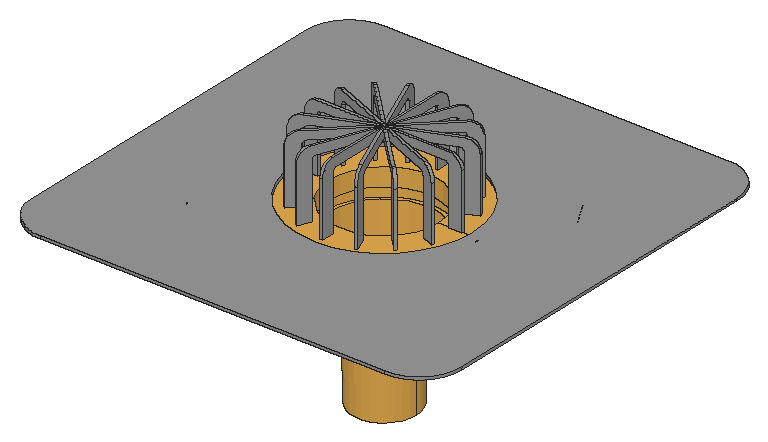
Revit family "TOPWET_Střešní vpust TW(E) 75 S", category Instalační zařizovací předměty, Revit 2016 (continued)
Definition of nested family "Perforovaný terasový nástavec TW TER P"
  Nested families
    nested 9: "Kroužek" at (0, 0, -83.4), visible <- "VK", type "Kroužek"
      with R 64.5 mm, D 129 mm
    nested 10: "Kroužek" at (0, 0, -93.05), visible <- "VK", type "Kroužek"
      with R 64.5 mm, D 129 mm
    nested 11: "Odvodňovací kroužek pro ochranný koš TW ODK" at (0, 0, -161), visible <- "VN2", type "Odvodňovací kroužek pro ochranný koš TW ODK"
      with Seříznutí 0 mm
    nested 12: "Odvodňovací kroužek pro ochranný koš TW ODK" at (0, 0, -194), visible <- "VN1", type "Odvodňovací kroužek pro ochranný koš TW ODK"
      with Seříznutí 0 mm
    nested 13: "Kroužek" at (0, 0, -102.7), visible <- "VK", type "Kroužek"
      with R 64.5 mm, D 129 mm
    nested 14: "Kroužek" at (0, 0, -112.35), visible <- "VK", type "Kroužek"
      with R 64.5 mm, D 129 mm
  Definition of nested family "Kroužek"
    Parameters (values of type "Kroužek")
      Manufacturer = ""
      URL = "⁫‌⁪‭⁡​‭​​​​​​​​​​​ ​​‍⁣⁢ ‎ ​⁤‭‎‎​‌​ ​⁣‌ ⁡‪​ ‪‭ ​⁢‎‎⁤‎‭‪‭‌​⁡‭ ‭‍ ⁡‬‭​⁣ ‌‪‭‍‍ ‍  ⁤‎⁢‎​‬‍ ‍ ‬⁤⁪‎⁪‪⁡⁢​⁣‬⁤‪⁡‎⁪⁢‬ ⁢‪⁪⁤⁡⁡‎​⁢ ‎‎‪‌⁢‎ ⁢‬‎⁣⁤⁤⁡‬‎‌⁪   ‭⁣‬⁡⁪‪‪‭⁣⁢‪​   ⁢⁣⁪‬⁣⁣‎ ⁢⁤‬‪  ⁪‬⁪‍​⁤ ‌⁪ ‭⁪⁣⁡ ‌  ‎‌‌⁡‌⁤⁣ ‍  ​  ‎⁣‍ ⁤‎⁢⁤⁡‭⁤‌⁣⁣‭‍⁤‪⁣  ⁢ ⁢   ‬‍‭ ‪⁢⁤⁢⁢​‎‍‍ ​‍‬  ‭⁣​‍‬ ⁪  ​‎⁢ ‭‍⁡‪ ⁢ ⁪  ‍   ‪⁤‬‌‍⁪ ⁣‬‪​‬⁤⁢​‌  ‬​ ​ ⁢​⁢​‭‪  ​‭  ‍⁣​‭‍  ‌⁡⁣‌  ​ ⁢‌   ‍‎ ⁤⁣‌‬‬‎ ⁣⁡‪ ⁪⁢‪​​​​​​⁫"
      R = D / 2  # 52 mm
      Description = ""
      Model = ""
      Type Comments = ""
      D = 104 mm
      Cost = 0
    Reference planes
      plane 1 "Střed (vpředu/vzadu)": y = 0
      plane 2: z = 0
      plane 3 "Střed (vlevo/vpravo)": x = 0
    Forms (mm)
      Revolve 1, solid, detail levels fine
        sketch origin (0, 0, 0) x (1, 0, 0) y (0, 0, 1)
          loop
            line (-52, 1.482) -> (-55.264, 0) -> (-52, -1.516) -> (-52, 1.482)
          axis (0, 1.482) -> (0, -1.516)
        angle from 0 to 360
    Dimensions and locks
      "R": Revolve 1 sketch curve to plane 3 "Střed (vlevo/vpravo)"
      aligned and locked: level to plane 2
      aligned and locked: Revolve 1 sketch curve to plane 3 "Střed (vlevo/vpravo)"
    Automatic sketch dimensions
      Revolve 1 sketch curve to level = 0 mm
      Revolve 1 sketch curve to Revolve 1 sketch curve = 3.264 mm
      Revolve 1 sketch curve to level = 1.516 mm
      level to Revolve 1 sketch curve = 1.482 mm
      Revolve 1 sketch curve to level = 381 mm
      Revolve 1 sketch curve to Revolve 1 sketch curve = 2212.833 mm
  Definition of nested family "Odvodňovací kroužek pro ochranný koš TW ODK"
    Parameters (values of type "Odvodňovací kroužek pro ochranný koš TW ODK")
      Manufacturer = "TOPWET"  # constant formula
      URL = "http://topwet.cz/produkty/269-odvodnovaci-krouzek"
      Seříznutí [instance] = 0 mm
      Description = "Příslušenství vpusti"
      OBJEDNACÍ KÓD [instance] = "TW ODK"
      OBJEDNACÍ KOMENTÁŘ [instance] = "TW ODK, Odvodňovací kroužek"
      Model = ""  # constant formula
      Type Comments = ""  # constant formula
      Keynote = "TW ODK"
      Cost = 0
      COPYRIGHT = "©TOPWET"  # constant formula
    Reference planes
      plane 1 "Střed (vpředu/vzadu)": y = 0
      plane 2: z = 0
      plane 3 "Střed (vlevo/vpravo)": x = 0
      plane 4: z = -33
      plane 5: z = -33
      plane 6: z = -33
    Forms (mm)
      Extrusion 1, solid, detail levels medium+fine
        sketch origin (0, 0, 0) x (1, 0, 0) y (0, 1, 0)
          loop
            circle (0, 0) r 64.5
          loop
            circle (0, 0) r 67.5
        from 15 to -18
      Sweep 2, void
        path origin (0, 0, 0) x (0.987688, 0.156434, 0) y (-0.156434, 0.987688, 0)
          loop
            line (0, -72.5) -> (0, 72.5)
        profile origin (0, 0, 0) x (-0.987688, -0.156434, 0) y (0, 0, 1)
          loop
            line (7.4, -18) -> (7.4, -4.2)
            arc (7.4, -4.2) -> (6.521, -2.079) -> (4.4, -1.2) r 3
            line (4.4, -1.2) -> (-4.4, -1.2)
            arc (-4.4, -1.2) -> (-6.521, -2.079) -> (-7.4, -4.2) r 3
            line (-7.4, -4.2) -> (-7.4, -18) -> (7.4, -18)
      Sweep 3, void
        path origin (0, 0, 0) x (0.891007, 0.45399, 0) y (-0.45399, 0.891007, 0)
          loop
            line (0, -72.5) -> (0, 72.5)
        profile origin (0, 0, 0) x (-0.891007, -0.45399, 0) y (0, 0, 1)
          loop
            line (7.4, -18) -> (7.4, -4.2)
            arc (7.4, -4.2) -> (6.521, -2.079) -> (4.4, -1.2) r 3
            line (4.4, -1.2) -> (-4.4, -1.2)
            arc (-4.4, -1.2) -> (-6.521, -2.079) -> (-7.4, -4.2) r 3
            line (-7.4, -4.2) -> (-7.4, -18) -> (7.4, -18)
      Sweep 4, void
        path origin (0, 0, 0) x (0.707107, 0.707107, 0) y (-0.707107, 0.707107, 0)
          loop
            line (0, -72.5) -> (0, 72.5)
        profile origin (0, 0, 0) x (-0.707107, -0.707107, 0) y (0, 0, 1)
          loop
            line (7.4, -18) -> (7.4, -4.2)
            arc (7.4, -4.2) -> (6.521, -2.079) -> (4.4, -1.2) r 3
            line (4.4, -1.2) -> (-4.4, -1.2)
            arc (-4.4, -1.2) -> (-6.521, -2.079) -> (-7.4, -4.2) r 3
            line (-7.4, -4.2) -> (-7.4, -18) -> (7.4, -18)
      Sweep 5, void
        path origin (0, 0, 0) x (0.45399, 0.891007, 0) y (-0.891007, 0.45399, 0)
          loop
            line (0, -72.5) -> (0, 72.5)
        profile origin (0, 0, 0) x (-0.45399, -0.891007, 0) y (0, 0, 1)
          loop
            line (7.4, -18) -> (7.4, -4.2)
            arc (7.4, -4.2) -> (6.521, -2.079) -> (4.4, -1.2) r 3
            line (4.4, -1.2) -> (-4.4, -1.2)
            arc (-4.4, -1.2) -> (-6.521, -2.079) -> (-7.4, -4.2) r 3
            line (-7.4, -4.2) -> (-7.4, -18) -> (7.4, -18)
      Sweep 6, void
        path origin (0, 0, 0) x (0.156434, 0.987688, 0) y (-0.987688, 0.156434, 0)
          loop
            line (0, -72.5) -> (0, 72.5)
        profile origin (0, 0, 0) x (-0.156434, -0.987688, 0) y (0, 0, 1)
          loop
            line (7.4, -18) -> (7.4, -4.2)
            arc (7.4, -4.2) -> (6.521, -2.079) -> (4.4, -1.2) r 3
            line (4.4, -1.2) -> (-4.4, -1.2)
            arc (-4.4, -1.2) -> (-6.521, -2.079) -> (-7.4, -4.2) r 3
            line (-7.4, -4.2) -> (-7.4, -18) -> (7.4, -18)
      Sweep 7, void
        path origin (0, 0, 0) x (-0.987688, 0.156434, 0) y (0.156434, 0.987688, 0)
          loop
            line (0, -72.5) -> (0, 72.5)
        profile origin (0, 0, 0) x (-0.987688, 0.156434, 0) y (0, 0, 1)
          loop
            line (-7.4, -18) -> (7.4, -18) -> (7.4, -4.2)
            arc (7.4, -4.2) -> (6.521, -2.079) -> (4.4, -1.2) r 3
            line (4.4, -1.2) -> (-4.4, -1.2)
            arc (-4.4, -1.2) -> (-6.521, -2.079) -> (-7.4, -4.2) r 3
            line (-7.4, -4.2) -> (-7.4, -18)
      Sweep 8, void
        path origin (0, 0, 0) x (-0.891007, 0.45399, 0) y (0.45399, 0.891007, 0)
          loop
            line (0, -72.5) -> (0, 72.5)
        profile origin (0, 0, 0) x (-0.891007, 0.45399, 0) y (0, 0, 1)
          loop
            line (-7.4, -18) -> (7.4, -18) -> (7.4, -4.2)
            arc (7.4, -4.2) -> (6.521, -2.079) -> (4.4, -1.2) r 3
            line (4.4, -1.2) -> (-4.4, -1.2)
            arc (-4.4, -1.2) -> (-6.521, -2.079) -> (-7.4, -4.2) r 3
            line (-7.4, -4.2) -> (-7.4, -18)
      Sweep 9, void
        path origin (0, 0, 0) x (-0.707107, 0.707107, 0) y (0.707107, 0.707107, 0)
          loop
            line (0, -72.5) -> (0, 72.5)
        profile origin (0, 0, 0) x (-0.707107, 0.707107, 0) y (0, 0, 1)
          loop
            line (-7.4, -18) -> (7.4, -18) -> (7.4, -4.2)
            arc (7.4, -4.2) -> (6.521, -2.079) -> (4.4, -1.2) r 3
            line (4.4, -1.2) -> (-4.4, -1.2)
            arc (-4.4, -1.2) -> (-6.521, -2.079) -> (-7.4, -4.2) r 3
            line (-7.4, -4.2) -> (-7.4, -18)
      Sweep 10, void
        path origin (0, 0, 0) x (-0.45399, 0.891007, 0) y (0.891007, 0.45399, 0)
          loop
            line (0, -72.5) -> (0, 72.5)
        profile origin (0, 0, 0) x (-0.45399, 0.891007, 0) y (0, 0, 1)
          loop
            line (-7.4, -18) -> (7.4, -18) -> (7.4, -4.2)
            arc (7.4, -4.2) -> (6.521, -2.079) -> (4.4, -1.2) r 3
            line (4.4, -1.2) -> (-4.4, -1.2)
            arc (-4.4, -1.2) -> (-6.521, -2.079) -> (-7.4, -4.2) r 3
            line (-7.4, -4.2) -> (-7.4, -18)
      Sweep 11, void
        path origin (0, 0, 0) x (-0.156434, 0.987688, 0) y (0.987688, 0.156434, 0)
          loop
            line (0, -72.5) -> (0, 72.5)
        profile origin (0, 0, 0) x (-0.156434, 0.987688, 0) y (0, 0, 1)
          loop
            line (-7.4, -18) -> (7.4, -18) -> (7.4, -4.2)
            arc (7.4, -4.2) -> (6.521, -2.079) -> (4.4, -1.2) r 3
            line (4.4, -1.2) -> (-4.4, -1.2)
            arc (-4.4, -1.2) -> (-6.521, -2.079) -> (-7.4, -4.2) r 3
            line (-7.4, -4.2) -> (-7.4, -18)
      Extrusion 12, solid, detail levels medium+fine
        sketch origin (0, 0, 0) x (1, 0, 0) y (0, 1, 0)
          loop
            circle (0, 0) r 60
          loop
            circle (0, 0) r 64.5
        from -18 to -33
      Extrusion 13, void
        sketch origin (0, -60, -33) x (0, 1, 0) y (-1, 0, 0)
          loop
            circle (60, 0) r 70
        from -10 to 0 <- "Seříznutí"
    Cuts and joins
      Sweep 2, Sweep 3, Sweep 4, Sweep 5, Sweep 6, Sweep 7, Sweep 8, Sweep 9, Sweep 10, Sweep 11, Extrusion 13 cuts Extrusion 1
      Extrusion 13 cuts Extrusion 12
    Dimensions and locks
      "Seříznutí": plane 5 to plane 4
      locked: plane 6 to plane 5 at 0
      aligned and locked: level to plane 2
    Automatic sketch dimensions
      Extrusion 1 sketch curve to Extrusion 1 sketch curve = 0 mm  (x2)
      plane 1 "Střed (vpředu/vzadu)" to Extrusion 1 sketch curve = 0 mm
      Extrusion 1 sketch curve to plane 3 "Střed (vlevo/vpravo)" = 0 mm
      Sweep 2 sketch curve to plane 3 "Střed (vlevo/vpravo)" = 11.341 mm
      Sweep 2 sketch curve to plane 1 "Střed (vpředu/vzadu)" = 71.607 mm
      Sweep 2 sketch curve to Sweep 2 sketch curve = 145 mm
      profile plane to Sweep 2 sketch curve = 7.4 mm
      Sweep 2 sketch curve to level = 1.2 mm
      Sweep 2 sketch curve to Sweep 2 sketch curve = 3 mm
      Sweep 2 sketch curve to profile plane = 4.4 mm
      Sweep 2 sketch curve to profile plane = 7.4 mm
      Sweep 2 sketch curve to Sweep 2 sketch curve = 13.8 mm
      Sweep 3 sketch curve to plane 3 "Střed (vlevo/vpravo)" = 32.914 mm
      Sweep 3 sketch curve to plane 1 "Střed (vpředu/vzadu)" = 64.598 mm
      Sweep 3 sketch curve to Sweep 3 sketch curve = 145 mm
      profile plane to Sweep 3 sketch curve = 7.4 mm
      Sweep 3 sketch curve to level = 1.2 mm
      Sweep 3 sketch curve to Sweep 3 sketch curve = 3 mm
      Sweep 3 sketch curve to profile plane = 4.4 mm
      Sweep 3 sketch curve to profile plane = 7.4 mm
      Sweep 3 sketch curve to Sweep 3 sketch curve = 13.8 mm
      Sweep 4 sketch curve to plane 1 "Střed (vpředu/vzadu)" = 51.265 mm
      Sweep 4 sketch curve to plane 3 "Střed (vlevo/vpravo)" = 51.265 mm
      Sweep 4 sketch curve to Sweep 4 sketch curve = 145 mm
      profile plane to Sweep 4 sketch curve = 7.4 mm
      Sweep 4 sketch curve to level = 1.2 mm
      Sweep 4 sketch curve to Sweep 4 sketch curve = 3 mm
      Sweep 4 sketch curve to profile plane = 4.4 mm
      Sweep 4 sketch curve to profile plane = 7.4 mm
      Sweep 4 sketch curve to Sweep 4 sketch curve = 13.8 mm
      Sweep 5 sketch curve to plane 1 "Střed (vpředu/vzadu)" = 32.914 mm
      Sweep 5 sketch curve to plane 3 "Střed (vlevo/vpravo)" = 64.598 mm
      Sweep 5 sketch curve to Sweep 5 sketch curve = 145 mm
      profile plane to Sweep 5 sketch curve = 7.4 mm
      Sweep 5 sketch curve to level = 1.2 mm
      Sweep 5 sketch curve to Sweep 5 sketch curve = 3 mm
      Sweep 5 sketch curve to profile plane = 4.4 mm
      Sweep 5 sketch curve to profile plane = 7.4 mm
      Sweep 5 sketch curve to Sweep 5 sketch curve = 13.8 mm
      Sweep 6 sketch curve to plane 1 "Střed (vpředu/vzadu)" = 11.341 mm
      Sweep 6 sketch curve to plane 3 "Střed (vlevo/vpravo)" = 71.607 mm
      Sweep 6 sketch curve to Sweep 6 sketch curve = 145 mm
      profile plane to Sweep 6 sketch curve = 7.4 mm
      Sweep 6 sketch curve to level = 1.2 mm
      Sweep 6 sketch curve to Sweep 6 sketch curve = 3 mm
      Sweep 6 sketch curve to profile plane = 4.4 mm
      Sweep 6 sketch curve to profile plane = 7.4 mm
      Sweep 6 sketch curve to Sweep 6 sketch curve = 13.8 mm
      Sweep 7 sketch curve to plane 3 "Střed (vlevo/vpravo)" = 11.341 mm
      plane 1 "Střed (vpředu/vzadu)" to Sweep 7 sketch curve = 71.607 mm
      Sweep 7 sketch curve to Sweep 7 sketch curve = 145 mm
      profile plane to Sweep 7 sketch curve = 7.4 mm
      Sweep 7 sketch curve to level = 1.2 mm
      Sweep 7 sketch curve to Sweep 7 sketch curve = 3 mm
      Sweep 7 sketch curve to profile plane = 4.4 mm
      Sweep 7 sketch curve to profile plane = 7.4 mm
      Sweep 7 sketch curve to Sweep 7 sketch curve = 13.8 mm
      Sweep 8 sketch curve to plane 3 "Střed (vlevo/vpravo)" = 32.914 mm
      plane 1 "Střed (vpředu/vzadu)" to Sweep 8 sketch curve = 64.598 mm
      Sweep 8 sketch curve to Sweep 8 sketch curve = 145 mm
      profile plane to Sweep 8 sketch curve = 7.4 mm
      Sweep 8 sketch curve to level = 1.2 mm
      Sweep 8 sketch curve to Sweep 8 sketch curve = 3 mm
      Sweep 8 sketch curve to profile plane = 4.4 mm
      Sweep 8 sketch curve to profile plane = 7.4 mm
      Sweep 8 sketch curve to Sweep 8 sketch curve = 13.8 mm
      plane 1 "Střed (vpředu/vzadu)" to Sweep 9 sketch curve = 51.265 mm
      Sweep 9 sketch curve to plane 3 "Střed (vlevo/vpravo)" = 51.265 mm
      Sweep 9 sketch curve to Sweep 9 sketch curve = 145 mm
      profile plane to Sweep 9 sketch curve = 7.4 mm
      Sweep 9 sketch curve to level = 1.2 mm
      Sweep 9 sketch curve to Sweep 9 sketch curve = 3 mm
      Sweep 9 sketch curve to profile plane = 4.4 mm
      Sweep 9 sketch curve to profile plane = 7.4 mm
      Sweep 9 sketch curve to Sweep 9 sketch curve = 13.8 mm
      plane 1 "Střed (vpředu/vzadu)" to Sweep 10 sketch curve = 32.914 mm
      Sweep 10 sketch curve to plane 3 "Střed (vlevo/vpravo)" = 64.598 mm
      Sweep 10 sketch curve to Sweep 10 sketch curve = 145 mm
      profile plane to Sweep 10 sketch curve = 7.4 mm
      Sweep 10 sketch curve to level = 1.2 mm
      Sweep 10 sketch curve to Sweep 10 sketch curve = 3 mm
      Sweep 10 sketch curve to profile plane = 4.4 mm
      Sweep 10 sketch curve to profile plane = 7.4 mm
      Sweep 10 sketch curve to Sweep 10 sketch curve = 13.8 mm
      plane 1 "Střed (vpředu/vzadu)" to Sweep 11 sketch curve = 11.341 mm
      Sweep 11 sketch curve to plane 3 "Střed (vlevo/vpravo)" = 71.607 mm
      Sweep 11 sketch curve to Sweep 11 sketch curve = 145 mm
      profile plane to Sweep 11 sketch curve = 7.4 mm
      Sweep 11 sketch curve to level = 1.2 mm
      Sweep 11 sketch curve to Sweep 11 sketch curve = 3 mm
      Sweep 11 sketch curve to profile plane = 4.4 mm
      Sweep 11 sketch curve to profile plane = 7.4 mm
      Sweep 11 sketch curve to Sweep 11 sketch curve = 13.8 mm
      Extrusion 12 sketch curve to Extrusion 12 sketch curve = 0 mm  (x2)
      plane 1 "Střed (vpředu/vzadu)" to Extrusion 12 sketch curve = 0 mm
      Extrusion 12 sketch curve to plane 3 "Střed (vlevo/vpravo)" = 0 mm
      plane 1 "Střed (vpředu/vzadu)" to Extrusion 13 sketch curve = 0 mm
      Extrusion 13 sketch curve to plane 3 "Střed (vlevo/vpravo)" = 0 mm
      radius of Extrusion 1 sketch curve = 64.5 mm
      radius of Extrusion 1 sketch curve = 67.5 mm
      radius of Extrusion 12 sketch curve = 60 mm
      radius of Extrusion 12 sketch curve = 64.5 mm
      radius of Extrusion 13 sketch curve = 70 mm
Definition of nested family "Plochý ochranný koš TW PLK"
  Parameters (values of type "Plochý ochranný koš TW PLK")
    Manufacturer = "TOPWET"  # constant formula
    URL = "http://www.topwet.cz/produkty/268-plochy-pochozi-ochranny-kos"
    Type Image = element 872689
    Description = "Příslušenství vpusti"
    OBJEDNACÍ KÓD [instance] = "TW PLK"
    Model = "viz OBJEDNACÍ KÓD"
    Type Comments = "Plochý pochozí ochranný koš TOPWET určený pro provozní typy střech, teras a balkónů. Provedení ze silnostěnného polyamidu PA6 UV Stabil. Výška nad úroveň hydroizolace 10 mm."
    Keynote = ""
    Cost = 0
    COPYRIGHT = "©TOPWET"  # constant formula
  Reference planes
    plane 1 "Střed (vpředu/vzadu)": y = 0
    plane 2: z = 0
    plane 3 "Střed (vlevo/vpravo)": x = 0
    plane 4: z = -3
  Forms (mm)
    Revolve 1, solid, detail levels medium+fine
      sketch origin (0, 0, 0) x (1, 0, 0) y (0, 0, 1)
        loop
          line (0, 0) -> (60, 0) -> (60, -15) -> (64.5, -15) -> (64.5, 0) -> (68, 0) -> (68, 2.899)
          arc (68, 2.899) -> (67.639, 4.326) -> (66.643, 5.41) r 3
          arc (66.643, 5.41) -> (58.557, 8.832) -> (49.854, 10) r 32.995
          line (49.854, 10) -> (0, 10) -> (0, 0)
        axis (0, -15) -> (0, 10)
      angle from 0 to 360
    Extrusion 2, void
      sketch origin (-139.84, -1524, -133) x (-1, 0, 0) y (0, -1, 0)
        loop
          line (-129.297, -1529.188) -> (-83.675, -1562.334)
          arc (-83.675, -1562.334) -> (-75.168, -1545.013) -> (-71.87, -1526) r 68
          line (-71.87, -1526) -> (-128.262, -1526)
          arc (-128.262, -1526) -> (-128.665, -1527.631) -> (-129.297, -1529.188) r 11.75
        loop
          line (-86.026, -1565.57) -> (-131.649, -1532.424)
          arc (-131.649, -1532.424) -> (-132.934, -1533.506) -> (-134.36, -1534.394) r 11.75
          line (-134.36, -1534.394) -> (-116.934, -1588.026)
          arc (-116.934, -1588.026) -> (-99.871, -1579.013) -> (-86.026, -1565.57) r 68
        loop
          arc (-158.942, -1589.262) -> (-139.84, -1592) -> (-120.738, -1589.262) r 68
          line (-120.738, -1589.262) -> (-138.164, -1535.63)
          arc (-138.164, -1535.63) -> (-139.84, -1535.75) -> (-141.516, -1535.63) r 11.75
          line (-141.516, -1535.63) -> (-158.942, -1589.262)
        loop
          arc (-145.32, -1534.394) -> (-146.747, -1533.506) -> (-148.032, -1532.424) r 11.75
          line (-148.032, -1532.424) -> (-193.654, -1565.57)
          arc (-193.654, -1565.57) -> (-179.81, -1579.013) -> (-162.746, -1588.026) r 68
          line (-162.746, -1588.026) -> (-145.32, -1534.394)
        loop
          arc (-150.383, -1529.188) -> (-151.015, -1527.631) -> (-151.419, -1526) r 11.75
          line (-151.419, -1526) -> (-207.811, -1526)
          arc (-207.811, -1526) -> (-204.512, -1545.013) -> (-196.005, -1562.334) r 68
          line (-196.005, -1562.334) -> (-150.383, -1529.188)
        loop
          line (-150.383, -1518.812) -> (-196.005, -1485.666)
          arc (-196.005, -1485.666) -> (-204.512, -1502.987) -> (-207.811, -1522) r 68
          line (-207.811, -1522) -> (-151.419, -1522)
          arc (-151.419, -1522) -> (-151.015, -1520.369) -> (-150.383, -1518.812) r 11.75
        loop
          line (-193.654, -1482.43) -> (-148.032, -1515.576)
          arc (-148.032, -1515.576) -> (-146.747, -1514.494) -> (-145.32, -1513.606) r 11.75
          line (-145.32, -1513.606) -> (-162.746, -1459.974)
          arc (-162.746, -1459.974) -> (-179.81, -1468.987) -> (-193.654, -1482.43) r 68
        loop
          arc (-120.738, -1458.738) -> (-139.84, -1456) -> (-158.942, -1458.738) r 68
          line (-158.942, -1458.738) -> (-141.516, -1512.37)
          arc (-141.516, -1512.37) -> (-139.84, -1512.25) -> (-138.164, -1512.37) r 11.75
          line (-138.164, -1512.37) -> (-120.738, -1458.738)
        loop
          line (-116.934, -1459.974) -> (-134.36, -1513.606)
          arc (-134.36, -1513.606) -> (-132.934, -1514.494) -> (-131.649, -1515.576) r 11.75
          line (-131.649, -1515.576) -> (-86.026, -1482.43)
          arc (-86.026, -1482.43) -> (-99.871, -1468.987) -> (-116.934, -1459.974) r 68
        loop
          line (-83.675, -1485.666) -> (-129.297, -1518.812)
          arc (-129.297, -1518.812) -> (-128.665, -1520.369) -> (-128.262, -1522) r 11.75
          line (-128.262, -1522) -> (-71.87, -1522)
          arc (-71.87, -1522) -> (-75.168, -1502.987) -> (-83.675, -1485.666) r 68
      from 133 to 143.788
  Cuts and joins
    Extrusion 2 cuts Revolve 1
  Dimensions and locks
    aligned and locked: level to plane 2
Definition of nested family "Šachta pro zelené střechy"
  Parameters (values of type "TWZ 400x400")
    Výška_Minimální = 43 mm  # constant formula
    Výška_Maximální = 2036 mm  # constant formula
    Výška [instance] = 336 mm
    Type Image = element 912559
    SN [instance] = (Počet lamel) * 100 mm - (Výška - 36 mm)  # 0 mm
    S1 [instance] = if(Výška < 136 mm, 136 mm - Výška, 0 mm)  # 0 mm
    Počet lamel [instance] = roundup((Výška - 36 mm) / 100 mm)  # 3
    Manufacturer = "TOPWET"  # constant formula
    URL = "http://www.topwet.cz/produkty/92-sachta-pro-zelene-strechy-vyska-na-zakazku"
    Description = "Příslušenství vpusti"
    PP [instance] = if(Počet lamel - 1 < 2, 2, Počet lamel - 1)  # 2
    P = K = 390 mm  # yes
    ON [instance] = -Výška + 100 mm - SN  # -236 mm
    OBJEDNACÍ KÓD [instance] = size_lookup(Lookup Table Name 2, "", "NOT SPECIFIED", H)  # "TWZ 400x400x330"
    O1 = -36 mm  # constant formula
    Model = "viz OBJEDNACÍ KÓD"
    Lookup Table Name 2 = "TWZ 400x400_typy"
    Lookup Table Name = "TWZ 400x400_komentáře"
    Lamela = Lamela 380x380 : Lamela 380x380
    LAP [instance] = Počet lamel > 2  # yes
    LAN [instance] = Počet lamel > 1  # yes
    LA1 [instance] = or(not(Výška > 136 mm), Počet lamel = 2)  # no
    Kontrola [instance] = not(or(Výška > Výška_Maximální, Výška < Výška_Minimální))  # yes
    Type Comments = "Šachta pro zelené střechy, výška na zakázku dle mocnosti vegetačního souvrství, včetně plastové krycí mřížky"
    Keynote = ""
    KO [instance] = if(Kontrola, -43 mm, 0 mm)  # -43 mm
    K = 390 mm
    H [instance] = Počet lamel * 100 mm + 30 mm  # 330 mm
    Cost = 0
    COPYRIGHT = "©TOPWET"  # constant formula
  Types (2, lengths in mm): name | Type Image | P | OBJEDNACÍ KÓD | Lookup Table Name 2 | Lookup Table Name | Lamela | K
    TWZ 300x300 | element 912557 | no | "TWZ 300x300x330" | "TWZ 300x300_typy" | "TWZ 300x300_komentáře" | Lamela 280x280 : Lamela 280x280 | 290
    TWZ 400x400 | element 912559 | yes | "TWZ 400x400x330" | "TWZ 400x400_typy" | "TWZ 400x400_komentáře" | Lamela 380x380 : Lamela 380x380 | 390
  Reference planes
    plane 1 "Střed (vpředu/vzadu)": y = 0
    plane 2: z = 0
    plane 3 "Střed (vlevo/vpravo)": x = 0
    plane 4 "Výška": z = -336
  Forms (mm)
    Extrusion 1, solid, detail levels medium+fine
      sketch origin (0, 0, 0) x (1, 0, 0) y (0, 1, 0)
        loop
          line (-195, 195) -> (-195, -195) -> (195, -195) -> (195, 195) -> (-195, 195)
        loop
          line (-191, 191) -> (-191, -191) -> (191, -191) -> (191, 191) -> (-191, 191)
      from 0 to -43 <- "KO"
    Extrusion 2, solid, detail levels medium+fine
      sketch origin (0, 0, 0) x (1, 0, 0) y (0, 1, 0)
        loop
          line (-213, 213) -> (-213, -213) -> (213, -213) -> (213, 213) -> (-213, 213)
        loop
          line (-191, 191) -> (-191, -191) -> (191, -191) -> (191, 191) -> (-191, 191)
      from -43 to -40
    Extrusion 3, solid, detail levels medium+fine
      sketch origin (0, 0, 0) x (1, 0, 0) y (0, 1, 0)
        loop
          line (-195, -195) -> (195, -195) -> (195, 195) -> (-195, 195) -> (-195, -195)
      from -4 to 0
  Cuts and joins
    joined: Extrusion 1, Extrusion 2
  Lines and regions (mm)
    model lines, not visible, detail levels fine
      curve 1: circle (0, 0, 43) r 10 normal (0, 0, 1)
      curve 2: line (-15, 23.5, 43) -> (15, 23.5, 43)
      curve 3: line (-15, 38.5, 43) -> (15, 38.5, 43)
      curve 4: line (-15, 53.5, 43) -> (15, 53.5, 43)
      curve 5: line (-15, 68.5, 43) -> (15, 68.5, 43)
      curve 6: line (-15, 83.5, 43) -> (15, 83.5, 43)
      curve 7: line (-15, 98.5, 43) -> (15, 98.5, 43)
      curve 8: line (-15, 113.5, 43) -> (15, 113.5, 43)
      curve 9: line (-15, 128.5, 43) -> (15, 128.5, 43)
      curve 16: line (-26, 128.5, 43) -> (-64, 128.5, 43)
      curve 17: line (-26, 113.5, 43) -> (-64, 113.5, 43)
      curve 18: line (-26, 98.5, 43) -> (-64, 98.5, 43)
      curve 19: line (-26, 83.5, 43) -> (-64, 83.5, 43)
      curve 20: line (-26, 68.5, 43) -> (-62.843, 68.5, 43)
      curve 21: line (-26, 53.5, 43) -> (-47.843, 53.5, 43)
      curve 22: line (-75, 98.5, 43) -> (-92.843, 98.5, 43)
      curve 23: line (-75, 113.5, 43) -> (-107.843, 113.5, 43)
      curve 24: line (-75, 128.5, 43) -> (-113, 128.5, 43)
      curve 34: line (-128.5, 26, 43) -> (-128.5, 64, 43)
      curve 35: line (-113.5, 26, 43) -> (-113.5, 64, 43)
      curve 36: line (-98.5, 26, 43) -> (-98.5, 64, 43)
      curve 37: line (-83.5, 26, 43) -> (-83.5, 64, 43)
      curve 38: line (-68.5, 26, 43) -> (-68.5, 62.843, 43)
      curve 39: line (-53.5, 26, 43) -> (-53.5, 47.843, 43)
      curve 40: line (-98.5, 75, 43) -> (-98.5, 92.843, 43)
      curve 41: line (-113.5, 75, 43) -> (-113.5, 107.843, 43)
      curve 42: line (-128.5, 75, 43) -> (-128.5, 113, 43)
      curve 49: line (-23.5, 15, 43) -> (-23.5, -15, 43)
      curve 50: line (-38.5, 15, 43) -> (-38.5, -15, 43)
      curve 51: line (-53.5, 15, 43) -> (-53.5, -15, 43)
      curve 52: line (-68.5, 15, 43) -> (-68.5, -15, 43)
      curve 53: line (-83.5, 15, 43) -> (-83.5, -15, 43)
      curve 54: line (-98.5, 15, 43) -> (-98.5, -15, 43)
      curve 55: line (-113.5, 15, 43) -> (-113.5, -15, 43)
      curve 56: line (-128.5, 15, 43) -> (-128.5, -15, 43)
      curve 63: line (26, 128.5, 43) -> (64, 128.5, 43)
      curve 64: line (26, 113.5, 43) -> (64, 113.5, 43)
      curve 65: line (26, 98.5, 43) -> (64, 98.5, 43)
      curve 66: line (26, 83.5, 43) -> (64, 83.5, 43)
      curve 67: line (26, 68.5, 43) -> (62.843, 68.5, 43)
      curve 68: line (26, 53.5, 43) -> (47.843, 53.5, 43)
      curve 69: line (75, 98.5, 43) -> (92.843, 98.5, 43)
      curve 70: line (75, 113.5, 43) -> (107.843, 113.5, 43)
      curve 71: line (75, 128.5, 43) -> (113, 128.5, 43)
      curve 81: line (128.5, 26, 43) -> (128.5, 64, 43)
      curve 82: line (113.5, 26, 43) -> (113.5, 64, 43)
      curve 83: line (98.5, 26, 43) -> (98.5, 64, 43)
      curve 84: line (83.5, 26, 43) -> (83.5, 64, 43)
      curve 85: line (68.5, 26, 43) -> (68.5, 62.843, 43)
      curve 86: line (53.5, 26, 43) -> (53.5, 47.843, 43)
      curve 87: line (98.5, 75, 43) -> (98.5, 92.843, 43)
      curve 88: line (113.5, 75, 43) -> (113.5, 107.843, 43)
      curve 89: line (128.5, 75, 43) -> (128.5, 113, 43)
      curve 96: line (23.5, 15, 43) -> (23.5, -15, 43)
      curve 97: line (38.5, 15, 43) -> (38.5, -15, 43)
      curve 98: line (53.5, 15, 43) -> (53.5, -15, 43)
      curve 99: line (68.5, 15, 43) -> (68.5, -15, 43)
      curve 100: line (83.5, 15, 43) -> (83.5, -15, 43)
      curve 101: line (98.5, 15, 43) -> (98.5, -15, 43)
      curve 102: line (113.5, 15, 43) -> (113.5, -15, 43)
      curve 103: line (128.5, 15, 43) -> (128.5, -15, 43)
      curve 107: line (-15, -23.5, 43) -> (15, -23.5, 43)
      curve 108: line (-15, -38.5, 43) -> (15, -38.5, 43)
      curve 109: line (-15, -53.5, 43) -> (15, -53.5, 43)
      curve 110: line (-15, -68.5, 43) -> (15, -68.5, 43)
      curve 111: line (-15, -83.5, 43) -> (15, -83.5, 43)
      curve 112: line (-15, -98.5, 43) -> (15, -98.5, 43)
      curve 113: line (-15, -113.5, 43) -> (15, -113.5, 43)
      curve 114: line (-15, -128.5, 43) -> (15, -128.5, 43)
      curve 121: line (-26, -128.5, 43) -> (-64, -128.5, 43)
      curve 122: line (-26, -113.5, 43) -> (-64, -113.5, 43)
      curve 123: line (-26, -98.5, 43) -> (-64, -98.5, 43)
      curve 124: line (-26, -83.5, 43) -> (-64, -83.5, 43)
      curve 125: line (-26, -68.5, 43) -> (-62.843, -68.5, 43)
      curve 126: line (-26, -53.5, 43) -> (-47.843, -53.5, 43)
      curve 127: line (-75, -98.5, 43) -> (-92.843, -98.5, 43)
      curve 128: line (-75, -113.5, 43) -> (-107.843, -113.5, 43)
      curve 129: line (-75, -128.5, 43) -> (-113, -128.5, 43)
      curve 139: line (-128.5, -26, 43) -> (-128.5, -64, 43)
      curve 140: line (-113.5, -26, 43) -> (-113.5, -64, 43)
      curve 141: line (-98.5, -26, 43) -> (-98.5, -64, 43)
      curve 142: line (-83.5, -26, 43) -> (-83.5, -64, 43)
      curve 143: line (-68.5, -26, 43) -> (-68.5, -62.843, 43)
      curve 144: line (-53.5, -26, 43) -> (-53.5, -47.843, 43)
      curve 145: line (-98.5, -75, 43) -> (-98.5, -92.843, 43)
      curve 146: line (-113.5, -75, 43) -> (-113.5, -107.843, 43)
      curve 147: line (-128.5, -75, 43) -> (-128.5, -113, 43)
      curve 157: line (26, -128.5, 43) -> (64, -128.5, 43)
      curve 158: line (26, -113.5, 43) -> (64, -113.5, 43)
      curve 159: line (26, -98.5, 43) -> (64, -98.5, 43)
      curve 160: line (26, -83.5, 43) -> (64, -83.5, 43)
      curve 161: line (26, -68.5, 43) -> (62.843, -68.5, 43)
      curve 162: line (26, -53.5, 43) -> (47.843, -53.5, 43)
      curve 163: line (75, -98.5, 43) -> (92.843, -98.5, 43)
      curve 164: line (75, -113.5, 43) -> (107.843, -113.5, 43)
      curve 165: line (75, -128.5, 43) -> (113, -128.5, 43)
      curve 175: line (128.5, -26, 43) -> (128.5, -64, 43)
      curve 176: line (113.5, -26, 43) -> (113.5, -64, 43)
      curve 177: line (98.5, -26, 43) -> (98.5, -64, 43)
      curve 178: line (83.5, -26, 43) -> (83.5, -64, 43)
      curve 179: line (68.5, -26, 43) -> (68.5, -62.843, 43)
      curve 180: line (53.5, -26, 43) -> (53.5, -47.843, 43)
      curve 181: line (98.5, -75, 43) -> (98.5, -92.843, 43)
      curve 182: line (113.5, -75, 43) -> (113.5, -107.843, 43)
      curve 183: line (128.5, -75, 43) -> (128.5, -113, 43)
    model lines, visible <- "P", not visible, detail levels fine
      curve 10: line (-15, 143.5, 43) -> (15, 143.5, 43)
      curve 11: line (-15, 158.5, 43) -> (15, 158.5, 43)
      curve 12: line (-15, 173.5, 43) -> (15, 173.5, 43)
      curve 13: line (-26, 173.5, 43) -> (-64, 173.5, 43)
      curve 14: line (-26, 158.5, 43) -> (-64, 158.5, 43)
      curve 15: line (-26, 143.5, 43) -> (-64, 143.5, 43)
      curve 25: line (-75, 143.5, 43) -> (-113, 143.5, 43)
      curve 26: line (-75, 158.5, 43) -> (-113, 158.5, 43)
      curve 27: line (-124, 143.5, 43) -> (-137.843, 143.5, 43)
      curve 28: line (-124, 158.5, 43) -> (-152.843, 158.5, 43)
      curve 29: line (-124, 173.5, 43) -> (-167.753, 173.5, 43)
      curve 30: line (-113, 173.5, 43) -> (-75, 173.5, 43)
      curve 31: line (-173.5, 26, 43) -> (-173.5, 64, 43)
      curve 32: line (-158.5, 26, 43) -> (-158.5, 64, 43)
      curve 33: line (-143.5, 26, 43) -> (-143.5, 64, 43)
      curve 43: line (-143.5, 75, 43) -> (-143.5, 113, 43)
      curve 44: line (-158.5, 75, 43) -> (-158.5, 113, 43)
      curve 45: line (-143.5, 124, 43) -> (-143.5, 137.843, 43)
      curve 46: line (-158.5, 124, 43) -> (-158.5, 152.843, 43)
      curve 47: line (-173.5, 124, 43) -> (-173.5, 167.753, 43)
      curve 48: line (-173.5, 113, 43) -> (-173.5, 75, 43)
      curve 57: line (-143.5, 15, 43) -> (-143.5, -15, 43)
      curve 58: line (-158.5, 15, 43) -> (-158.5, -15, 43)
      curve 59: line (-173.5, 15, 43) -> (-173.5, -15, 43)
      curve 60: line (26, 173.5, 43) -> (64, 173.5, 43)
      curve 61: line (26, 158.5, 43) -> (64, 158.5, 43)
      curve 62: line (26, 143.5, 43) -> (64, 143.5, 43)
      curve 72: line (75, 143.5, 43) -> (113, 143.5, 43)
      curve 73: line (75, 158.5, 43) -> (113, 158.5, 43)
      curve 74: line (124, 143.5, 43) -> (137.843, 143.5, 43)
      curve 75: line (124, 158.5, 43) -> (152.843, 158.5, 43)
      curve 76: line (124, 173.5, 43) -> (167.753, 173.5, 43)
      curve 77: line (113, 173.5, 43) -> (75, 173.5, 43)
      curve 78: line (173.5, 26, 43) -> (173.5, 64, 43)
      curve 79: line (158.5, 26, 43) -> (158.5, 64, 43)
      curve 80: line (143.5, 26, 43) -> (143.5, 64, 43)
      curve 90: line (143.5, 75, 43) -> (143.5, 113, 43)
      curve 91: line (158.5, 75, 43) -> (158.5, 113, 43)
      curve 92: line (143.5, 124, 43) -> (143.5, 137.843, 43)
      curve 93: line (158.5, 124, 43) -> (158.5, 152.843, 43)
      curve 94: line (173.5, 124, 43) -> (173.5, 167.753, 43)
      curve 95: line (173.5, 113, 43) -> (173.5, 75, 43)
      curve 104: line (143.5, 15, 43) -> (143.5, -15, 43)
      curve 105: line (158.5, 15, 43) -> (158.5, -15, 43)
      curve 106: line (173.5, 15, 43) -> (173.5, -15, 43)
      curve 115: line (-15, -143.5, 43) -> (15, -143.5, 43)
      curve 116: line (-15, -158.5, 43) -> (15, -158.5, 43)
      curve 117: line (-15, -173.5, 43) -> (15, -173.5, 43)
      curve 118: line (-26, -173.5, 43) -> (-64, -173.5, 43)
      curve 119: line (-26, -158.5, 43) -> (-64, -158.5, 43)
      curve 120: line (-26, -143.5, 43) -> (-64, -143.5, 43)
      curve 130: line (-75, -143.5, 43) -> (-113, -143.5, 43)
      curve 131: line (-75, -158.5, 43) -> (-113, -158.5, 43)
      curve 132: line (-124, -143.5, 43) -> (-137.843, -143.5, 43)
      curve 133: line (-124, -158.5, 43) -> (-152.843, -158.5, 43)
      curve 134: line (-124, -173.5, 43) -> (-167.753, -173.5, 43)
      curve 135: line (-113, -173.5, 43) -> (-75, -173.5, 43)
      curve 136: line (-173.5, -26, 43) -> (-173.5, -64, 43)
      curve 137: line (-158.5, -26, 43) -> (-158.5, -64, 43)
      curve 138: line (-143.5, -26, 43) -> (-143.5, -64, 43)
      curve 148: line (-143.5, -75, 43) -> (-143.5, -113, 43)
      curve 149: line (-158.5, -75, 43) -> (-158.5, -113, 43)
      curve 150: line (-143.5, -124, 43) -> (-143.5, -137.843, 43)
      curve 151: line (-158.5, -124, 43) -> (-158.5, -152.843, 43)
      curve 152: line (-173.5, -124, 43) -> (-173.5, -167.753, 43)
      curve 153: line (-173.5, -113, 43) -> (-173.5, -75, 43)
      curve 154: line (26, -173.5, 43) -> (64, -173.5, 43)
      curve 155: line (26, -158.5, 43) -> (64, -158.5, 43)
      curve 156: line (26, -143.5, 43) -> (64, -143.5, 43)
      curve 166: line (75, -143.5, 43) -> (113, -143.5, 43)
      curve 167: line (75, -158.5, 43) -> (113, -158.5, 43)
      curve 168: line (124, -143.5, 43) -> (137.843, -143.5, 43)
      curve 169: line (124, -158.5, 43) -> (152.843, -158.5, 43)
      curve 170: line (124, -173.5, 43) -> (167.753, -173.5, 43)
      curve 171: line (113, -173.5, 43) -> (75, -173.5, 43)
      curve 172: line (173.5, -26, 43) -> (173.5, -64, 43)
      curve 173: line (158.5, -26, 43) -> (158.5, -64, 43)
      curve 174: line (143.5, -26, 43) -> (143.5, -64, 43)
      curve 184: line (143.5, -75, 43) -> (143.5, -113, 43)
      curve 185: line (158.5, -75, 43) -> (158.5, -113, 43)
      curve 186: line (143.5, -124, 43) -> (143.5, -137.843, 43)
      curve 187: line (158.5, -124, 43) -> (158.5, -152.843, 43)
      curve 188: line (173.5, -124, 43) -> (173.5, -167.753, 43)
      curve 189: line (173.5, -113, 43) -> (173.5, -75, 43)
    model lines, detail levels fine
      curve 190: circle (0, 0, 0) r 10 normal (0, 0, 1)
      curve 191: line (-15, 23.5, 0) -> (15, 23.5, 0)
      curve 192: line (-15, 38.5, 0) -> (15, 38.5, 0)
      curve 193: line (-15, 53.5, 0) -> (15, 53.5, 0)
      curve 194: line (-15, 68.5, 0) -> (15, 68.5, 0)
      curve 195: line (-15, 83.5, 0) -> (15, 83.5, 0)
      curve 196: line (-15, 98.5, 0) -> (15, 98.5, 0)
      curve 197: line (-15, 113.5, 0) -> (15, 113.5, 0)
      curve 198: line (-15, 128.5, 0) -> (15, 128.5, 0)
      curve 205: line (-26, 128.5, 0) -> (-64, 128.5, 0)
      curve 206: line (-26, 113.5, 0) -> (-64, 113.5, 0)
      curve 207: line (-26, 98.5, 0) -> (-64, 98.5, 0)
      curve 208: line (-26, 83.5, 0) -> (-64, 83.5, 0)
      curve 209: line (-26, 68.5, 0) -> (-62.843, 68.5, 0)
      curve 210: line (-26, 53.5, 0) -> (-47.843, 53.5, 0)
      curve 211: line (-75, 98.5, 0) -> (-92.843, 98.5, 0)
      curve 212: line (-75, 113.5, 0) -> (-107.843, 113.5, 0)
      curve 213: line (-75, 128.5, 0) -> (-113, 128.5, 0)
      curve 223: line (-128.5, 26, 0) -> (-128.5, 64, 0)
      curve 224: line (-113.5, 26, 0) -> (-113.5, 64, 0)
      curve 225: line (-98.5, 26, 0) -> (-98.5, 64, 0)
      curve 226: line (-83.5, 26, 0) -> (-83.5, 64, 0)
      curve 227: line (-68.5, 26, 0) -> (-68.5, 62.843, 0)
      curve 228: line (-53.5, 26, 0) -> (-53.5, 47.843, 0)
      curve 229: line (-98.5, 75, 0) -> (-98.5, 92.843, 0)
      curve 230: line (-113.5, 75, 0) -> (-113.5, 107.843, 0)
      curve 231: line (-128.5, 75, 0) -> (-128.5, 113, 0)
      curve 238: line (-23.5, 15, 0) -> (-23.5, -15, 0)
      curve 239: line (-38.5, 15, 0) -> (-38.5, -15, 0)
      curve 240: line (-53.5, 15, 0) -> (-53.5, -15, 0)
      curve 241: line (-68.5, 15, 0) -> (-68.5, -15, 0)
      curve 242: line (-83.5, 15, 0) -> (-83.5, -15, 0)
      curve 243: line (-98.5, 15, 0) -> (-98.5, -15, 0)
      curve 244: line (-113.5, 15, 0) -> (-113.5, -15, 0)
      curve 245: line (-128.5, 15, 0) -> (-128.5, -15, 0)
      curve 252: line (26, 128.5, 0) -> (64, 128.5, 0)
      curve 253: line (26, 113.5, 0) -> (64, 113.5, 0)
      curve 254: line (26, 98.5, 0) -> (64, 98.5, 0)
      curve 255: line (26, 83.5, 0) -> (64, 83.5, 0)
      curve 256: line (26, 68.5, 0) -> (62.843, 68.5, 0)
      curve 257: line (26, 53.5, 0) -> (47.843, 53.5, 0)
      curve 258: line (75, 98.5, 0) -> (92.843, 98.5, 0)
      curve 259: line (75, 113.5, 0) -> (107.843, 113.5, 0)
      curve 260: line (75, 128.5, 0) -> (113, 128.5, 0)
      curve 270: line (128.5, 26, 0) -> (128.5, 64, 0)
      curve 271: line (113.5, 26, 0) -> (113.5, 64, 0)
      curve 272: line (98.5, 26, 0) -> (98.5, 64, 0)
      curve 273: line (83.5, 26, 0) -> (83.5, 64, 0)
      curve 274: line (68.5, 26, 0) -> (68.5, 62.843, 0)
      curve 275: line (53.5, 26, 0) -> (53.5, 47.843, 0)
      curve 276: line (98.5, 75, 0) -> (98.5, 92.843, 0)
      curve 277: line (113.5, 75, 0) -> (113.5, 107.843, 0)
      curve 278: line (128.5, 75, 0) -> (128.5, 113, 0)
      curve 285: line (23.5, 15, 0) -> (23.5, -15, 0)
      curve 286: line (38.5, 15, 0) -> (38.5, -15, 0)
      curve 287: line (53.5, 15, 0) -> (53.5, -15, 0)
      curve 288: line (68.5, 15, 0) -> (68.5, -15, 0)
      curve 289: line (83.5, 15, 0) -> (83.5, -15, 0)
      curve 290: line (98.5, 15, 0) -> (98.5, -15, 0)
      curve 291: line (113.5, 15, 0) -> (113.5, -15, 0)
      curve 292: line (128.5, 15, 0) -> (128.5, -15, 0)
      curve 296: line (-15, -23.5, 0) -> (15, -23.5, 0)
      curve 297: line (-15, -38.5, 0) -> (15, -38.5, 0)
      curve 298: line (-15, -53.5, 0) -> (15, -53.5, 0)
      curve 299: line (-15, -68.5, 0) -> (15, -68.5, 0)
      curve 300: line (-15, -83.5, 0) -> (15, -83.5, 0)
      curve 301: line (-15, -98.5, 0) -> (15, -98.5, 0)
      curve 302: line (-15, -113.5, 0) -> (15, -113.5, 0)
      curve 303: line (-15, -128.5, 0) -> (15, -128.5, 0)
      curve 310: line (-26, -128.5, 0) -> (-64, -128.5, 0)
      curve 311: line (-26, -113.5, 0) -> (-64, -113.5, 0)
      curve 312: line (-26, -98.5, 0) -> (-64, -98.5, 0)
      curve 313: line (-26, -83.5, 0) -> (-64, -83.5, 0)
      curve 314: line (-26, -68.5, 0) -> (-62.843, -68.5, 0)
      curve 315: line (-26, -53.5, 0) -> (-47.843, -53.5, 0)
      curve 316: line (-75, -98.5, 0) -> (-92.843, -98.5, 0)
      curve 317: line (-75, -113.5, 0) -> (-107.843, -113.5, 0)
      curve 318: line (-75, -128.5, 0) -> (-113, -128.5, 0)
      curve 328: line (-128.5, -26, 0) -> (-128.5, -64, 0)
      curve 329: line (-113.5, -26, 0) -> (-113.5, -64, 0)
      curve 330: line (-98.5, -26, 0) -> (-98.5, -64, 0)
      curve 331: line (-83.5, -26, 0) -> (-83.5, -64, 0)
      curve 332: line (-68.5, -26, 0) -> (-68.5, -62.843, 0)
      curve 333: line (-53.5, -26, 0) -> (-53.5, -47.843, 0)
      curve 334: line (-98.5, -75, 0) -> (-98.5, -92.843, 0)
      curve 335: line (-113.5, -75, 0) -> (-113.5, -107.843, 0)
      curve 336: line (-128.5, -75, 0) -> (-128.5, -113, 0)
      curve 346: line (26, -128.5, 0) -> (64, -128.5, 0)
      curve 347: line (26, -113.5, 0) -> (64, -113.5, 0)
      curve 348: line (26, -98.5, 0) -> (64, -98.5, 0)
      curve 349: line (26, -83.5, 0) -> (64, -83.5, 0)
      curve 350: line (26, -68.5, 0) -> (62.843, -68.5, 0)
      curve 351: line (26, -53.5, 0) -> (47.843, -53.5, 0)
      curve 352: line (75, -98.5, 0) -> (92.843, -98.5, 0)
      curve 353: line (75, -113.5, 0) -> (107.843, -113.5, 0)
      curve 354: line (75, -128.5, 0) -> (113, -128.5, 0)
      curve 364: line (128.5, -26, 0) -> (128.5, -64, 0)
      curve 365: line (113.5, -26, 0) -> (113.5, -64, 0)
      curve 366: line (98.5, -26, 0) -> (98.5, -64, 0)
      curve 367: line (83.5, -26, 0) -> (83.5, -64, 0)
      curve 368: line (68.5, -26, 0) -> (68.5, -62.843, 0)
      curve 369: line (53.5, -26, 0) -> (53.5, -47.843, 0)
      curve 370: line (98.5, -75, 0) -> (98.5, -92.843, 0)
      curve 371: line (113.5, -75, 0) -> (113.5, -107.843, 0)
      curve 372: line (128.5, -75, 0) -> (128.5, -113, 0)
    model lines, visible <- "P", detail levels fine
      curve 199: line (-15, 143.5, 0) -> (15, 143.5, 0)
      curve 200: line (-15, 158.5, 0) -> (15, 158.5, 0)
      curve 201: line (-15, 173.5, 0) -> (15, 173.5, 0)
      curve 202: line (-26, 173.5, 0) -> (-64, 173.5, 0)
      curve 203: line (-26, 158.5, 0) -> (-64, 158.5, 0)
      curve 204: line (-26, 143.5, 0) -> (-64, 143.5, 0)
      curve 214: line (-75, 143.5, 0) -> (-113, 143.5, 0)
      curve 215: line (-75, 158.5, 0) -> (-113, 158.5, 0)
      curve 216: line (-124, 143.5, 0) -> (-137.843, 143.5, 0)
      curve 217: line (-124, 158.5, 0) -> (-152.843, 158.5, 0)
      curve 218: line (-124, 173.5, 0) -> (-167.753, 173.5, 0)
      curve 219: line (-113, 173.5, 0) -> (-75, 173.5, 0)
      curve 220: line (-173.5, 26, 0) -> (-173.5, 64, 0)
      curve 221: line (-158.5, 26, 0) -> (-158.5, 64, 0)
      curve 222: line (-143.5, 26, 0) -> (-143.5, 64, 0)
      curve 232: line (-143.5, 75, 0) -> (-143.5, 113, 0)
      curve 233: line (-158.5, 75, 0) -> (-158.5, 113, 0)
      curve 234: line (-143.5, 124, 0) -> (-143.5, 137.843, 0)
      curve 235: line (-158.5, 124, 0) -> (-158.5, 152.843, 0)
      curve 236: line (-173.5, 124, 0) -> (-173.5, 167.753, 0)
      curve 237: line (-173.5, 113, 0) -> (-173.5, 75, 0)
      curve 246: line (-143.5, 15, 0) -> (-143.5, -15, 0)
      curve 247: line (-158.5, 15, 0) -> (-158.5, -15, 0)
      curve 248: line (-173.5, 15, 0) -> (-173.5, -15, 0)
      curve 249: line (26, 173.5, 0) -> (64, 173.5, 0)
      curve 250: line (26, 158.5, 0) -> (64, 158.5, 0)
      curve 251: line (26, 143.5, 0) -> (64, 143.5, 0)
      curve 261: line (75, 143.5, 0) -> (113, 143.5, 0)
      curve 262: line (75, 158.5, 0) -> (113, 158.5, 0)
      curve 263: line (124, 143.5, 0) -> (137.843, 143.5, 0)
      curve 264: line (124, 158.5, 0) -> (152.843, 158.5, 0)
      curve 265: line (124, 173.5, 0) -> (167.753, 173.5, 0)
      curve 266: line (113, 173.5, 0) -> (75, 173.5, 0)
      curve 267: line (173.5, 26, 0) -> (173.5, 64, 0)
      curve 268: line (158.5, 26, 0) -> (158.5, 64, 0)
      curve 269: line (143.5, 26, 0) -> (143.5, 64, 0)
      curve 279: line (143.5, 75, 0) -> (143.5, 113, 0)
      curve 280: line (158.5, 75, 0) -> (158.5, 113, 0)
      curve 281: line (143.5, 124, 0) -> (143.5, 137.843, 0)
      curve 282: line (158.5, 124, 0) -> (158.5, 152.843, 0)
      curve 283: line (173.5, 124, 0) -> (173.5, 167.753, 0)
      curve 284: line (173.5, 113, 0) -> (173.5, 75, 0)
      curve 293: line (143.5, 15, 0) -> (143.5, -15, 0)
      curve 294: line (158.5, 15, 0) -> (158.5, -15, 0)
      curve 295: line (173.5, 15, 0) -> (173.5, -15, 0)
      curve 304: line (-15, -143.5, 0) -> (15, -143.5, 0)
      curve 305: line (-15, -158.5, 0) -> (15, -158.5, 0)
      curve 306: line (-15, -173.5, 0) -> (15, -173.5, 0)
      curve 307: line (-26, -173.5, 0) -> (-64, -173.5, 0)
      curve 308: line (-26, -158.5, 0) -> (-64, -158.5, 0)
      curve 309: line (-26, -143.5, 0) -> (-64, -143.5, 0)
      curve 319: line (-75, -143.5, 0) -> (-113, -143.5, 0)
      curve 320: line (-75, -158.5, 0) -> (-113, -158.5, 0)
      curve 321: line (-124, -143.5, 0) -> (-137.843, -143.5, 0)
      curve 322: line (-124, -158.5, 0) -> (-152.843, -158.5, 0)
      curve 323: line (-124, -173.5, 0) -> (-167.753, -173.5, 0)
      curve 324: line (-113, -173.5, 0) -> (-75, -173.5, 0)
      curve 325: line (-173.5, -26, 0) -> (-173.5, -64, 0)
      curve 326: line (-158.5, -26, 0) -> (-158.5, -64, 0)
      curve 327: line (-143.5, -26, 0) -> (-143.5, -64, 0)
      curve 337: line (-143.5, -75, 0) -> (-143.5, -113, 0)
      curve 338: line (-158.5, -75, 0) -> (-158.5, -113, 0)
      curve 339: line (-143.5, -124, 0) -> (-143.5, -137.843, 0)
      curve 340: line (-158.5, -124, 0) -> (-158.5, -152.843, 0)
      curve 341: line (-173.5, -124, 0) -> (-173.5, -167.753, 0)
      curve 342: line (-173.5, -113, 0) -> (-173.5, -75, 0)
      curve 343: line (26, -173.5, 0) -> (64, -173.5, 0)
      curve 344: line (26, -158.5, 0) -> (64, -158.5, 0)
      curve 345: line (26, -143.5, 0) -> (64, -143.5, 0)
      curve 355: line (75, -143.5, 0) -> (113, -143.5, 0)
      curve 356: line (75, -158.5, 0) -> (113, -158.5, 0)
      curve 357: line (124, -143.5, 0) -> (137.843, -143.5, 0)
      curve 358: line (124, -158.5, 0) -> (152.843, -158.5, 0)
      curve 359: line (124, -173.5, 0) -> (167.753, -173.5, 0)
      curve 360: line (113, -173.5, 0) -> (75, -173.5, 0)
      curve 361: line (173.5, -26, 0) -> (173.5, -64, 0)
      curve 362: line (158.5, -26, 0) -> (158.5, -64, 0)
      curve 363: line (143.5, -26, 0) -> (143.5, -64, 0)
      curve 373: line (143.5, -75, 0) -> (143.5, -113, 0)
      curve 374: line (158.5, -75, 0) -> (158.5, -113, 0)
      curve 375: line (143.5, -124, 0) -> (143.5, -137.843, 0)
      curve 376: line (158.5, -124, 0) -> (158.5, -152.843, 0)
      curve 377: line (173.5, -124, 0) -> (173.5, -167.753, 0)
      curve 378: line (173.5, -113, 0) -> (173.5, -75, 0)
    model lines
      curve 379: line (0, 0, 0) -> (0, 0, 100)
  Dimensions and locks
    equal spacing: Extrusion 3 sketch curve, plane 3 "Střed (vlevo/vpravo)", Extrusion 3 sketch curve
    "K": Extrusion 3 sketch curve to Extrusion 3 sketch curve  (x2)
    equal spacing: Extrusion 3 sketch curve, plane 1 "Střed (vpředu/vzadu)", Extrusion 3 sketch curve
    equal spacing: Extrusion 1 sketch curve, plane 3 "Střed (vlevo/vpravo)", Extrusion 1 sketch curve
    equal spacing: Extrusion 1 sketch curve, plane 1 "Střed (vpředu/vzadu)", Extrusion 1 sketch curve
    "K": Extrusion 1 sketch curve to Extrusion 1 sketch curve  (x2)
    locked: Extrusion 2 sketch curve to Extrusion 1 at 22  (x3)
    locked: Extrusion 1 to Extrusion 2 sketch curve at 22
    "Výška": plane 2 to plane 4 "Výška"
    group 3 to group 4 = 0 mm  (x2)
    group 4 to group 3 = 100 mm
    aligned and locked: level to plane 2
    aligned and locked: Extrusion 1 to Extrusion 2 sketch curve  (x3)
    aligned and locked: Extrusion 2 sketch curve to Extrusion 1
    aligned and locked: plane 3 "Střed (vlevo/vpravo)" to nested 1
    aligned and locked: plane 1 "Střed (vpředu/vzadu)" to nested 1
    aligned and locked: plane 3 "Střed (vlevo/vpravo)" to nested 2
    aligned and locked: plane 1 "Střed (vpředu/vzadu)" to nested 2
    aligned and locked: plane 3 "Střed (vlevo/vpravo)" to nested 3
    aligned and locked: plane 1 "Střed (vpředu/vzadu)" to nested 3
  Automatic sketch dimensions
    curve 379 to plane 3 "Střed (vlevo/vpravo)" = 0 mm
    curve 379 to level = 0 mm
    level to curve 379 = 100 mm
    Extrusion 1 sketch curve to Extrusion 1 sketch curve = 4 mm  (x4)
  Nested families
    nested 1: "Lamela 380x380" at (0, 0, -36), type <- "Lamela", visible <- "LA1", Seříznutí <- "S1", built-in parameter 1001364 <- "O1", type "Lamela 380x380"
    nested 2: "Lamela 380x380" at (0, 0, -236), built-in parameter 1001364 <- "ON", Seříznutí <- "SN", visible <- "LAN", type <- "Lamela", type "Lamela 380x380"
    nested 3: "Lamela 380x380" at (0, 0, -36), type <- "Lamela", visible <- "LAP", type "Lamela 380x380"
      with Seříznutí 0 mm, OBJEDNACÍ KÓD "", OBJEDNACÍ KOMENTÁŘ "Lamela šachty pro zelené střechy 280x280"
    nested 4: "Lamela 380x380" at (0, 0, -136), type <- "Lamela", visible <- "LAP", type "Lamela 380x380"
      with Seříznutí 0 mm, OBJEDNACÍ KÓD "", OBJEDNACÍ KOMENTÁŘ "Lamela šachty pro zelené střechy 280x280"
  Definition of nested family "Lamela 380x380"
    Parameters (values of type "Lamela 380x380")
      Šířka = 380 mm  # constant formula
      Manufacturer = "TOPWET"  # constant formula
      URL = "http://www.topwet.cz/produkty/92-sachta-pro-zelene-strechy-vyska-na-zakazku"
      Seříznutí [instance] = 0 mm
      Description = "Příslušenství vpusti"
      OBJEDNACÍ KÓD [instance] = ""
      OBJEDNACÍ KOMENTÁŘ [instance] = "Lamela šachty pro zelené střechy 380x380"
      Model = ""
      Type Comments = ""  # constant formula
      Cost = 0
      COPYRIGHT = "©TOPWET"  # constant formula
    Reference planes
      plane 1 "Střed (vpředu/vzadu)": y = 0
      plane 2: z = 0
      plane 3 "Střed (vlevo/vpravo)": x = 0
      plane 4: z = -100
      plane 5: z = -100
      plane 6: z = -100
    Forms (mm)
      Extrusion 1, solid, detail levels medium+fine
        sketch origin (0, 0, 0) x (1, 0, 0) y (0, 1, 0)
          loop
            line (-190, 190) -> (-190, -190) -> (190, -190) -> (190, 190) -> (-190, 190)
          loop
            line (-181, 181) -> (-181, -181) -> (181, -181) -> (181, 181) -> (-181, 181)
        from 0 to -100
      Extrusion 2, void, detail levels medium+fine
        sketch origin (0, 0, 0) x (1, 0, 0) y (0, 0, 1)
          loop
            line (-151, -100) -> (-79, -100) -> (-96, -83) -> (-134, -83) -> (-151, -100)
          loop
            line (-51, -100) -> (21, -100) -> (4, -83) -> (-34, -83) -> (-51, -100)
          loop
            line (49, -100) -> (181, -100) -> (181, -83) -> (66, -83) -> (49, -100)
          loop
            circle (-115, -38) r 12
          loop
            circle (-15, -38) r 12
          loop
            circle (35, -38) r 12
          loop
            circle (85, -38) r 12
          loop
            circle (135, -38) r 12
          loop
            line (181, -49.314) -> (181, -26.686)
            arc (181, -26.686) -> (173, -38) -> (181, -49.314) r 12
        from 181 to 190
      Extrusion 3, void, detail levels medium+fine
        sketch origin (0, 0, 0) x (0, 1, 0) y (0, 0, 1)
          loop
            line (-151, -100) -> (-79, -100) -> (-96, -83) -> (-134, -83) -> (-151, -100)
          loop
            line (-51, -100) -> (21, -100) -> (4, -83) -> (-34, -83) -> (-51, -100)
          loop
            line (49, -100) -> (181, -100) -> (181, -83) -> (66, -83) -> (49, -100)
          loop
            circle (-115, -38) r 12
          loop
            circle (-15, -38) r 12
          loop
            circle (35, -38) r 12
          loop
            circle (85, -38) r 12
          loop
            circle (135, -38) r 12
          loop
            line (181, -49.314) -> (181, -26.686)
            arc (181, -26.686) -> (173, -38) -> (181, -49.314) r 12
        from 181 to 190
      Extrusion 4, void, detail levels medium+fine
        sketch origin (0, 0, 0) x (0, 1, 0) y (0, 0, 1)
          loop
            line (151, -100) -> (134, -83) -> (96, -83) -> (79, -100) -> (151, -100)
          loop
            line (51, -100) -> (34, -83) -> (-4, -83) -> (-21, -100) -> (51, -100)
          loop
            line (-49, -100) -> (-66, -83) -> (-181, -83) -> (-181, -100) -> (-49, -100)
          loop
            circle (115, -38) r 12
          loop
            circle (15, -38) r 12
          loop
            circle (-35, -38) r 12
          loop
            circle (-85, -38) r 12
          loop
            circle (-135, -38) r 12
          loop
            arc (-181, -49.314) -> (-173, -38) -> (-181, -26.686) r 12
            line (-181, -26.686) -> (-181, -49.314)
        from -190 to -181
      Extrusion 5, void, detail levels medium+fine
        sketch origin (0, 0, 0) x (1, 0, 0) y (0, 0, 1)
          loop
            line (151, -100) -> (134, -83) -> (96, -83) -> (79, -100) -> (151, -100)
          loop
            line (51, -100) -> (34, -83) -> (-4, -83) -> (-21, -100) -> (51, -100)
          loop
            line (-49, -100) -> (-66, -83) -> (-181, -83) -> (-181, -100) -> (-49, -100)
          loop
            circle (115, -38) r 12
          loop
            circle (15, -38) r 12
          loop
            circle (-35, -38) r 12
          loop
            circle (-85, -38) r 12
          loop
            circle (-135, -38) r 12
          loop
            arc (-181, -49.314) -> (-173, -38) -> (-181, -26.686) r 12
            line (-181, -26.686) -> (-181, -49.314)
        from -190 to -181
      Extrusion 6, void, detail levels medium+fine
        sketch origin (190, -1524, -100) x (-1, 0, 0) y (0, -1, 0)
          loop
            line (380, -1714) -> (380, -1334) -> (0, -1334) -> (0, -1714) -> (380, -1714)
        from -10 to 0 <- "Seříznutí"
    Cuts and joins
      Extrusion 2, Extrusion 3, Extrusion 4, Extrusion 5, Extrusion 6 cuts Extrusion 1
    Dimensions and locks
      locked: Extrusion 1 sketch curve to Extrusion 1 sketch curve at 9  (x4)
      "Šířka": Extrusion 1 sketch curve to Extrusion 1 sketch curve  (x2)
      equal spacing: Extrusion 1 sketch curve, plane 1 "Střed (vpředu/vzadu)", Extrusion 1 sketch curve
      equal spacing: Extrusion 1 sketch curve, plane 3 "Střed (vlevo/vpravo)", Extrusion 1 sketch curve
      locked: plane 6 to plane 5
      "Seříznutí": plane 5 to plane 4
      aligned and locked: level to plane 2
    Automatic sketch dimensions
      plane 1 "Střed (vpředu/vzadu)" to Extrusion 4 sketch curve = 185 mm
      Extrusion 4 sketch curve to Extrusion 4 sketch curve = 4 mm  (x2)
      Extrusion 4 sketch curve to Extrusion 4 sketch curve = 46 mm
      Extrusion 4 sketch curve to Extrusion 4 sketch curve = 50 mm
      Extrusion 4 sketch curve to Extrusion 4 sketch curve = 19 mm  (x2)
      Extrusion 4 sketch curve to Extrusion 4 sketch curve = 17 mm  (x7)
      plane 1 "Střed (vpředu/vzadu)" to Extrusion 4 sketch curve = 35 mm
      plane 1 "Střed (vpředu/vzadu)" to Extrusion 4 sketch curve = 21 mm
      plane 1 "Střed (vpředu/vzadu)" to Extrusion 4 sketch curve = 4 mm
      Extrusion 4 sketch curve to plane 1 "Střed (vpředu/vzadu)" = 15 mm
      Extrusion 4 sketch curve to plane 1 "Střed (vpředu/vzadu)" = 34 mm
      Extrusion 4 sketch curve to Extrusion 4 sketch curve = 28 mm
      Extrusion 4 sketch curve to Extrusion 4 sketch curve = 38 mm
      Extrusion 4 sketch curve to level = 100 mm  (x2)
      Extrusion 4 sketch curve to Extrusion 4 sketch curve = 0 mm
      Extrusion 4 sketch curve to Extrusion 4 sketch curve = 33.686 mm
      Extrusion 4 sketch curve to Extrusion 4 sketch curve = 11.314 mm
      Extrusion 4 sketch curve to level = 38 mm  (x5)
      Extrusion 3 sketch curve to Extrusion 3 sketch curve = 17 mm  (x7)
      Extrusion 3 sketch curve to Extrusion 3 sketch curve = 38 mm
      plane 1 "Střed (vpředu/vzadu)" to Extrusion 3 sketch curve = 115 mm
      Extrusion 3 sketch curve to Extrusion 3 sketch curve = 28 mm  (x2)
      Extrusion 3 sketch curve to plane 1 "Střed (vpředu/vzadu)" = 4 mm
